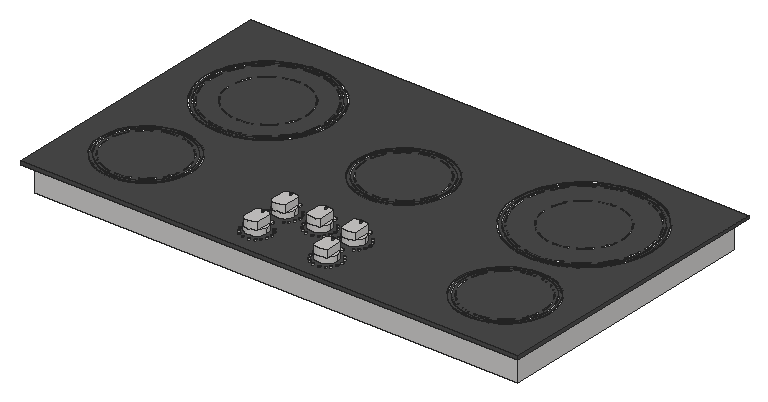
Revit family "QF_Summit_CR5B36MB_Electric Cooktop", category Specialty Equipment, Revit 2020
Family settings
  Round Connector Dimension = Use Diameter
  Part Type = Normal
  Work Plane-Based = No
  Always vertical = Yes
  Cut with Voids When Loaded = No
  Shared = No
  Room Calculation Point = No
Parameters
  Weight in Pounds = 36
  Watts = Volts * FL Amps  # 7200 W
  Volts = 240 V
  URL Cutsheet = ""
  Specification by User = ""
  Specification by Manufacturer = ""
  Serial Number = ""
  Seismic Rating = ""
  SMACNA No = ""
  Revision Code = ""
  Phase = 1
  Number of Poles = 1
  NAFEM Spec ID Number = ""
  Model = "CR5B36MB"
  Min Ckt Ampacity = 0 A
  Max Overcurrent Protection = 0 A
  Masterspec = ""
  Manufacturer = "Summit"
  Length = 35 1/2"
  Item Number = ""
  Installed By = ""
  Identify Quantity as Lot = yes
  Height = 2.13"
  HP = ""
  Furnished By = ""
  Foodservice Equipment Identifier = yes
  FL Amps = 30 A
  Electrical Remarks = ""
  Electric Connection Type = ""
  Elec Conn RI Height = 0"
  Elec Conn Connection Height = 0"
  Description = "Electric Cooktop"
  Depth = 20 1/2"
  Default Elevation = 0"
  Cycle = 60 Hz
  Conn Plug = ""
  Conn Conduit = yes
  CSI MasterFormat = ""
  Apparent Power = if(Phase = 3, Volts * FL Amps * 1.73, Volts * FL Amps)  # 7200 VA
Reference planes (in)
  plane 1 "BACK": y = 0
  plane 2: z = 0
  plane 3 "LEFT": x = 0
  plane 4 "RIGHT": x = 35.5
  plane 5 "FRONT": y = -20.5
  plane 6 "TOP": z = 2.13
  plane 7 "Center Y": x = 17.75
  plane 8 "Center X": y = -10.25
  plane 9: y = -19.875
  plane 10: y = -0.625
  plane 11: x = 0.5
  plane 12: x = 35
  plane 13: z = 1.88
  plane 14: z = -1
  plane 15: z = 3.13
Forms (in)
  Extrusion 1, solid, material "QF_Plastic_Black_Smooth"
    sketch origin (-1.19104, -180, 1.88) x (-1, 0, 0) y (0, -1, 0)
      loop
        line (-1.19104, -180) -> (-1.19104, -159.5) -> (-36.69104, -159.5) -> (-36.69104, -180) -> (-1.19104, -180)
      loop
        circle (-18.94104, -171.46642) r 3.25
      loop
        circle (-18.94104, -171.46642) r 3.1875
      loop
        circle (-18.94104, -171.46642) r 3.01918
      loop
        circle (-18.94104, -171.46642) r 2.98793
      loop
        arc (-16.54883, -172.87489) -> (-16.33416, -172.42069) -> (-16.20486, -171.93525) r 2.77605
        line (-16.20486, -171.93525) -> (-16.23566, -171.92997)
        arc (-16.23566, -171.92997) -> (-16.3635, -172.40995) -> (-16.57576, -172.85904) r 2.7448
        line (-16.57576, -172.85904) -> (-16.54883, -172.87489)
      loop
        line (-16.80517, -173.2397) -> (-16.82921, -173.21974)
        arc (-16.82921, -173.21974) -> (-17.1654, -173.55952) -> (-17.55544, -173.83582) r 2.7448
        line (-17.55544, -173.83582) -> (-17.53966, -173.86279)
        arc (-17.53966, -173.86279) -> (-17.14519, -173.58335) -> (-16.80517, -173.2397) r 2.77605
      loop
        line (-17.9821, -174.07159) -> (-17.99289, -174.04226)
        arc (-17.99289, -174.04226) -> (-18.47424, -174.17124) -> (-18.97098, -174.21106) r 2.7448
        line (-18.97098, -174.21106) -> (-18.97098, -174.24231)
        arc (-18.97098, -174.24231) -> (-18.46876, -174.202) -> (-17.9821, -174.07159) r 2.77605
      loop
        line (-19.44184, -174.19692) -> (-19.4362, -174.16619)
        arc (-19.4362, -174.16619) -> (-19.89875, -174.03872) -> (-20.33204, -173.83265) r 2.7448
        line (-20.33204, -173.83265) -> (-20.34788, -173.85959)
        arc (-20.34788, -173.85959) -> (-19.90966, -174.068) -> (-19.44184, -174.19692) r 2.77605
      loop
        arc (-20.68976, -173.58205) -> (-21.04777, -173.22586) -> (-21.33446, -172.8101) r 2.7448
        line (-21.33446, -172.8101) -> (-21.3617, -172.8254)
        arc (-21.3617, -172.8254) -> (-21.0727, -173.24475) -> (-20.71196, -173.60425) r 2.77605
        line (-20.71196, -173.60425) -> (-20.68976, -173.58205)
      loop
        arc (-21.52712, -172.38625) -> (-21.64757, -171.92317) -> (-21.68577, -171.4462) r 2.7448
        line (-21.68577, -171.4462) -> (-21.71702, -171.4462)
        arc (-21.71702, -171.4462) -> (-21.67836, -171.92848) -> (-21.55657, -172.39673) r 2.77605
        line (-21.55657, -172.39673) -> (-21.52712, -172.38625)
      loop
        arc (-21.64607, -171.00085) -> (-21.51951, -170.52544) -> (-21.31011, -170.08027) r 2.7448
        line (-21.31011, -170.08027) -> (-21.33709, -170.06449)
        arc (-21.33709, -170.06449) -> (-21.54886, -170.51473) -> (-21.67686, -170.99555) r 2.77605
        line (-21.67686, -170.99555) -> (-21.64607, -171.00085)
      loop
        arc (-21.0469, -169.70594) -> (-20.70919, -169.367) -> (-20.31776, -169.09185) r 2.7448
        line (-20.31776, -169.09185) -> (-20.33343, -169.06481)
        arc (-20.33343, -169.06481) -> (-20.72826, -169.3422) -> (-21.06908, -169.68376) r 2.77605
        line (-21.06908, -169.68376) -> (-21.0469, -169.70594)
      loop
        arc (-19.89556, -168.89293) -> (-19.4312, -168.76574) -> (-18.95175, -168.72164) r 2.7448
        line (-18.95175, -168.72164) -> (-18.95175, -168.69039)
        arc (-18.95175, -168.69039) -> (-19.43672, -168.73498) -> (-19.90643, -168.86363) r 2.77605
        line (-19.90643, -168.86363) -> (-19.89556, -168.89293)
      loop
        arc (-18.52224, -168.75375) -> (-18.01144, -168.88382) -> (-17.53492, -169.10913) r 2.7448
        line (-17.53492, -169.10913) -> (-17.51892, -169.0823)
        arc (-17.51892, -169.0823) -> (-18.00086, -168.85442) -> (-18.51747, -168.72287) r 2.77605
        line (-18.51747, -168.72287) -> (-18.52224, -168.75375)
      loop
        arc (-17.19797, -169.34612) -> (-16.83577, -169.70523) -> (-16.54626, -170.12516) r 2.7448
        line (-16.54626, -170.12516) -> (-16.51899, -170.10989)
        arc (-16.51899, -170.10989) -> (-16.81082, -169.68635) -> (-17.17577, -169.32392) r 2.77605
        line (-17.17577, -169.32392) -> (-17.19797, -169.34612)
      loop
        arc (-16.36345, -170.52304) -> (-16.23531, -171.00493) -> (-16.19647, -171.50206) r 2.7448
        line (-16.19647, -171.50206) -> (-16.16521, -171.50206)
        arc (-16.16521, -171.50206) -> (-16.20454, -170.99948) -> (-16.3341, -170.5123) r 2.77605
        line (-16.3341, -170.5123) -> (-16.36345, -170.52304)
      loop
        circle (-30.20747, -173.46615) r 4.875
      loop
        circle (-30.20747, -173.46615) r 4.8125
      loop
        circle (-30.20747, -173.46615) r 4.60317
      loop
        circle (-30.20747, -173.46615) r 4.57192
      loop
        arc (-33.56688, -170.61218) -> (-33.89171, -171.04598) -> (-34.16085, -171.51637) r 4.40804
        line (-34.16085, -171.51637) -> (-34.13282, -171.53019)
        arc (-34.13282, -171.53019) -> (-33.86629, -171.0642) -> (-33.54471, -170.63435) r 4.37679
        line (-33.54471, -170.63435) -> (-33.56688, -170.61218)
      loop
        arc (-32.4023, -169.64339) -> (-32.84195, -169.93198) -> (-33.24409, -170.27088) r 4.40804
        line (-33.24409, -170.27088) -> (-33.22199, -170.29298)
        arc (-33.22199, -170.29298) -> (-32.82295, -169.9568) -> (-32.38674, -169.67049) r 4.37679
        line (-32.38674, -169.67049) -> (-32.4023, -169.64339)
      loop
        line (-34.31464, -171.95371) -> (-34.34396, -171.94291)
        arc (-34.34396, -171.94291) -> (-34.49482, -172.44171) -> (-34.58576, -172.95482) r 4.40804
        line (-34.58576, -172.95482) -> (-34.55472, -172.95844)
        arc (-34.55472, -172.95844) -> (-34.46442, -172.44897) -> (-34.31464, -171.95371) r 4.37679
      loop
        line (-34.58424, -173.45077) -> (-34.61549, -173.45077)
        arc (-34.61549, -173.45077) -> (-34.58691, -173.96751) -> (-34.49796, -174.47735) r 4.40804
        line (-34.49796, -174.47735) -> (-34.46755, -174.47018)
        arc (-34.46755, -174.47018) -> (-34.55587, -173.96391) -> (-34.58424, -173.45077) r 4.37679
      loop
        line (-34.32863, -174.94005) -> (-34.35806, -174.95057)
        arc (-34.35806, -174.95057) -> (-34.14582, -175.44611) -> (-33.87469, -175.91203) r 4.40804
        line (-33.87469, -175.91203) -> (-33.84869, -175.89469)
        arc (-33.84869, -175.89469) -> (-34.1179, -175.43207) -> (-34.32863, -174.94005) r 4.37679
      loop
        line (-33.57706, -176.25939) -> (-33.60112, -176.27933)
        arc (-33.60112, -176.27933) -> (-33.22062, -176.68357) -> (-32.79233, -177.03678) r 4.40804
        line (-32.79233, -177.03678) -> (-32.76995, -177.0144)
        arc (-32.76995, -177.0144) -> (-33.19743, -176.66247) -> (-33.57706, -176.25939) r 4.37679
      loop
        line (-32.43418, -177.23419) -> (-32.45007, -177.26109)
        arc (-32.45007, -177.26109) -> (-31.96354, -177.5093) -> (-31.45004, -177.69544) r 4.40804
        line (-31.45004, -177.69544) -> (-31.44123, -177.66545)
        arc (-31.44123, -177.66545) -> (-31.95109, -177.48064) -> (-32.43418, -177.23419) r 4.37679
      loop
        line (-30.98933, -177.77254) -> (-30.99491, -177.80329)
        arc (-30.99491, -177.80329) -> (-30.46663, -177.86657) -> (-29.93458, -177.86574) r 4.40804
        line (-29.93458, -177.86574) -> (-29.93651, -177.83455)
        arc (-29.93651, -177.83455) -> (-30.46479, -177.83537) -> (-30.98933, -177.77254) r 4.37679
      loop
        line (-29.47271, -177.78083) -> (-29.46747, -177.81163)
        arc (-29.46747, -177.81163) -> (-28.94641, -177.68996) -> (-28.44394, -177.50605) r 4.40804
        line (-28.44394, -177.50605) -> (-28.45644, -177.47741)
        arc (-28.45644, -177.47741) -> (-28.95535, -177.66002) -> (-29.47271, -177.78083) r 4.37679
      loop
        line (-28.02181, -177.25814) -> (-28.00621, -177.28522)
        arc (-28.00621, -177.28522) -> (-27.57038, -176.99837) -> (-27.1715, -176.66204) r 4.40804
        line (-27.1715, -176.66204) -> (-27.1936, -176.63993)
        arc (-27.1936, -176.63993) -> (-27.5894, -176.97357) -> (-28.02181, -177.25814) r 4.37679
      loop
        line (-26.86511, -176.2919) -> (-26.84124, -176.31208)
        arc (-26.84124, -176.31208) -> (-26.52219, -175.88473) -> (-26.25708, -175.42198) r 4.40804
        line (-26.25708, -175.42198) -> (-26.28509, -175.40811)
        arc (-26.28509, -175.40811) -> (-26.54832, -175.86758) -> (-26.86511, -176.2919) r 4.37679
      loop
        line (-26.10948, -175.00329) -> (-26.08022, -175.01426)
        arc (-26.08022, -175.01426) -> (-25.92133, -174.4956) -> (-25.82734, -173.96136) r 4.40804
        line (-25.82734, -173.96136) -> (-25.85839, -173.95785)
        arc (-25.85839, -173.95785) -> (-25.95171, -174.48831) -> (-26.10948, -175.00329) r 4.37679
      loop
        line (-25.83078, -173.4948) -> (-25.79953, -173.4948)
        arc (-25.79953, -173.4948) -> (-25.83018, -172.94643) -> (-25.92878, -172.40614) r 4.40804
        line (-25.92878, -172.40614) -> (-25.95912, -172.41365)
        arc (-25.95912, -172.41365) -> (-25.8612, -172.95022) -> (-25.83078, -173.4948) r 4.37679
      loop
        line (-26.09009, -171.98176) -> (-26.06069, -171.97116)
        arc (-26.06069, -171.97116) -> (-26.2763, -171.47198) -> (-26.55173, -171.00315) r 4.40804
        line (-26.55173, -171.00315) -> (-26.57765, -171.02061)
        arc (-26.57765, -171.02061) -> (-26.30417, -171.48612) -> (-26.09009, -171.98176) r 4.37679
      loop
        line (-26.86024, -170.64617) -> (-26.83806, -170.62399)
        arc (-26.83806, -170.62399) -> (-27.21275, -170.23158) -> (-27.63281, -169.88817) r 4.40804
        line (-27.63281, -169.88817) -> (-27.65106, -169.91354)
        arc (-27.65106, -169.91354) -> (-27.23301, -170.25541) -> (-26.86024, -170.64617) r 4.37679
      loop
        arc (-28.02395, -169.63691) -> (-28.49908, -169.40263) -> (-28.99888, -169.22703) r 4.40804
        line (-28.99888, -169.22703) -> (-29.00745, -169.25709)
        arc (-29.00745, -169.25709) -> (-28.51119, -169.43144) -> (-28.03943, -169.66406) r 4.37679
        line (-28.03943, -169.66406) -> (-28.02395, -169.63691)
      loop
        arc (-29.44134, -169.1252) -> (-29.98215, -169.06387) -> (-30.52639, -169.06966) r 4.40804
        line (-30.52639, -169.06966) -> (-30.52639, -169.101)
        arc (-30.52639, -169.101) -> (-29.98488, -169.09503) -> (-29.44677, -169.15597) r 4.37679
        line (-29.44677, -169.15597) -> (-29.44134, -169.1252)
      loop
        arc (-30.97423, -169.12531) -> (-31.49106, -169.24914) -> (-31.98923, -169.43426) r 4.40804
        line (-31.98923, -169.43426) -> (-31.9766, -169.46284)
        arc (-31.9766, -169.46284) -> (-31.48196, -169.27903) -> (-30.9688, -169.15608) r 4.37679
        line (-30.9688, -169.15608) -> (-30.97423, -169.12531)
      loop
        arc (-28.84184, -175.85311) -> (-28.43495, -175.56869) -> (-28.08583, -175.21576) r 2.75
        line (-28.08583, -175.21576) -> (-28.10993, -175.19587)
        arc (-28.10993, -175.19587) -> (-28.45509, -175.5448) -> (-28.85736, -175.82598) r 2.71875
        line (-28.85736, -175.82598) -> (-28.84184, -175.85311)
      loop
        arc (-27.83872, -174.86311) -> (-27.63069, -174.42672) -> (-27.5023, -173.96065) r 2.75
        line (-27.5023, -173.96065) -> (-27.53304, -173.95503)
        arc (-27.53304, -173.95503) -> (-27.65997, -174.41581) -> (-27.86564, -174.84724) r 2.71875
        line (-27.86564, -174.84724) -> (-27.83872, -174.86311)
      loop
        line (-29.24628, -176.0427) -> (-29.2572, -176.01342)
        arc (-29.2572, -176.01342) -> (-29.75577, -176.14712) -> (-30.27061, -176.18417) r 2.71875
        line (-30.27061, -176.18417) -> (-30.27061, -176.21543)
        arc (-30.27061, -176.21543) -> (-29.75022, -176.17787) -> (-29.24628, -176.0427) r 2.75
      loop
        line (-30.65779, -176.17903) -> (-30.65267, -176.1482)
        arc (-30.65267, -176.1482) -> (-31.13524, -176.0217) -> (-31.58658, -175.80916) r 2.71875
        line (-31.58658, -175.80916) -> (-31.60243, -175.83609)
        arc (-31.60243, -175.83609) -> (-31.14591, -176.05108) -> (-30.65779, -176.17903) r 2.75
      loop
        line (-31.93309, -175.60736) -> (-31.91348, -175.58302)
        arc (-31.91348, -175.58302) -> (-32.28449, -175.22046) -> (-32.57988, -174.79404) r 2.71875
        line (-32.57988, -174.79404) -> (-32.60715, -174.8093)
        arc (-32.60715, -174.8093) -> (-32.30836, -175.24063) -> (-31.93309, -175.60736) r 2.75
      loop
        arc (-32.75116, -174.42599) -> (-32.8821, -173.95399) -> (-32.92622, -173.46615) r 2.71875
        line (-32.92622, -173.46615) -> (-32.95747, -173.46615)
        arc (-32.95747, -173.46615) -> (-32.91284, -173.95959) -> (-32.78039, -174.43702) r 2.75
        line (-32.78039, -174.43702) -> (-32.75116, -174.42599)
      loop
        arc (-32.88981, -173.02266) -> (-32.76487, -172.54348) -> (-32.55509, -172.09492) r 2.71875
        line (-32.55509, -172.09492) -> (-32.58208, -172.07916)
        arc (-32.58208, -172.07916) -> (-32.79427, -172.53288) -> (-32.92064, -173.01756) r 2.75
        line (-32.92064, -173.01756) -> (-32.88981, -173.02266)
      loop
        arc (-32.29371, -171.72282) -> (-31.95234, -171.3812) -> (-31.55591, -171.10537) r 2.71875
        line (-31.55591, -171.10537) -> (-31.57141, -171.07823)
        arc (-31.57141, -171.07823) -> (-31.97132, -171.35633) -> (-32.31589, -171.70063) r 2.75
        line (-32.31589, -171.70063) -> (-32.29371, -171.72282)
      loop
        arc (-31.13645, -170.91104) -> (-30.66966, -170.78698) -> (-30.18827, -170.74747) r 2.71875
        line (-30.18827, -170.74747) -> (-30.18827, -170.71622)
        arc (-30.18827, -170.71622) -> (-30.67508, -170.7562) -> (-31.14713, -170.88167) r 2.75
        line (-31.14713, -170.88167) -> (-31.13645, -170.91104)
      loop
        arc (-29.74023, -170.78785) -> (-29.26498, -170.91599) -> (-28.82063, -171.12772) r 2.71875
        line (-28.82063, -171.12772) -> (-28.80468, -171.10084)
        arc (-28.80468, -171.10084) -> (-29.25415, -170.88668) -> (-29.73486, -170.75707) r 2.75
        line (-29.73486, -170.75707) -> (-29.74023, -170.78785)
      loop
        line (-28.45105, -171.35015) -> (-28.47101, -171.37419)
        arc (-28.47101, -171.37419) -> (-28.11969, -171.72467) -> (-27.83793, -172.13316) r 2.71875
        line (-27.83793, -172.13316) -> (-27.81069, -172.11784)
        arc (-27.81069, -172.11784) -> (-28.09569, -171.70465) -> (-28.45105, -171.35015) r 2.75
      loop
        line (-27.61852, -172.53889) -> (-27.64794, -172.54942)
        arc (-27.64794, -172.54942) -> (-27.54464, -172.91759) -> (-27.49401, -173.29661) r 2.71875
        line (-27.49401, -173.29661) -> (-27.4627, -173.29661)
        arc (-27.4627, -173.29661) -> (-27.51384, -172.91224) -> (-27.61852, -172.53889) r 2.75
      loop
        circle (-7.67622, -173.46615) r 4.5
      loop
        circle (-7.67622, -173.46615) r 4.4375
      loop
        circle (-7.67622, -173.46615) r 4.25
      loop
        circle (-7.67622, -173.46615) r 4.21875
      loop
        arc (-3.69769, -174.27175) -> (-3.62645, -173.74377) -> (-3.62497, -173.211) r 4.05928
        line (-3.62497, -173.211) -> (-3.65628, -173.211)
        arc (-3.65628, -173.211) -> (-3.65756, -173.74065) -> (-3.72831, -174.26555) r 4.02803
        line (-3.72831, -174.26555) -> (-3.69769, -174.27175)
      loop
        line (-3.81265, -174.71137) -> (-3.8424, -174.70178)
        arc (-3.8424, -174.70178) -> (-4.0291, -175.17599) -> (-4.2742, -175.62282) r 4.02803
        line (-4.2742, -175.62282) -> (-4.2478, -175.63956)
        arc (-4.2478, -175.63956) -> (-4.00081, -175.18925) -> (-3.81265, -174.71137) r 4.05928
      loop
        line (-4.50558, -176.00087) -> (-4.52999, -175.98136)
        arc (-4.52999, -175.98136) -> (-4.88165, -176.36708) -> (-5.28023, -176.70409) r 4.02803
        line (-5.28023, -176.70409) -> (-5.26164, -176.72921)
        arc (-5.26164, -176.72921) -> (-4.85997, -176.38958) -> (-4.50558, -176.00087) r 4.05928
      loop
        line (-5.66164, -176.99024) -> (-5.67715, -176.96311)
        arc (-5.67715, -176.96311) -> (-6.12382, -177.18302) -> (-6.59421, -177.34614) r 4.02803
        line (-6.59421, -177.34614) -> (-6.58582, -177.37624)
        arc (-6.58582, -177.37624) -> (-6.11178, -177.21185) -> (-5.66164, -176.99024) r 4.05928
      loop
        line (-7.0616, -177.47863) -> (-7.06633, -177.44774)
        arc (-7.06633, -177.44774) -> (-7.59046, -177.49327) -> (-8.11606, -177.4701) r 4.02803
        line (-8.11606, -177.4701) -> (-8.11947, -177.50116)
        arc (-8.11947, -177.50116) -> (-7.5898, -177.52451) -> (-7.0616, -177.47863) r 4.05928
      loop
        line (-8.53524, -177.4335) -> (-8.52862, -177.40296)
        arc (-8.52862, -177.40296) -> (-9.03759, -177.25716) -> (-9.52303, -177.04586) r 4.02803
        line (-9.52303, -177.04586) -> (-9.53736, -177.07364)
        arc (-9.53736, -177.07364) -> (-9.04815, -177.28657) -> (-8.53524, -177.4335) r 4.05928
      loop
        line (-9.94314, -176.83347) -> (-9.92569, -176.80755)
        arc (-9.92569, -176.80755) -> (-10.30947, -176.51427) -> (-10.65539, -176.17716) r 4.02803
        line (-10.65539, -176.17716) -> (-10.67752, -176.19928)
        arc (-10.67752, -176.19928) -> (-10.32934, -176.5384) -> (-9.94314, -176.83347) r 4.05928
      loop
        line (-10.97465, -175.83219) -> (-10.94925, -175.81398)
        arc (-10.94925, -175.81398) -> (-11.22217, -175.37698) -> (-11.43708, -174.90871) r 4.02803
        line (-11.43708, -174.90871) -> (-11.46626, -174.9199)
        arc (-11.46626, -174.9199) -> (-11.24968, -175.3918) -> (-10.97465, -175.83219) r 4.05928
      loop
        line (-11.60844, -174.47384) -> (-11.57817, -174.46609)
        arc (-11.57817, -174.46609) -> (-11.67261, -173.97008) -> (-11.70425, -173.46615) r 4.02803
        line (-11.70425, -173.46615) -> (-11.7355, -173.46615)
        arc (-11.7355, -173.46615) -> (-11.70361, -173.97399) -> (-11.60844, -174.47384) r 4.05928
      loop
        line (-11.71027, -173.01425) -> (-11.67921, -173.01773)
        arc (-11.67921, -173.01773) -> (-11.58791, -172.50505) -> (-11.43123, -172.00844) r 4.02803
        line (-11.43123, -172.00844) -> (-11.46036, -171.99713)
        arc (-11.46036, -171.99713) -> (-11.61826, -172.4976) -> (-11.71027, -173.01425) r 4.05928
      loop
        line (-11.25969, -171.55919) -> (-11.2321, -171.57387)
        arc (-11.2321, -171.57387) -> (-10.96767, -171.14422) -> (-10.65161, -170.75099) r 4.02803
        line (-10.65161, -170.75099) -> (-10.67373, -170.72887)
        arc (-10.67373, -170.72887) -> (-10.9928, -171.12562) -> (-11.25969, -171.55919) r 4.05928
      loop
        line (-10.34041, -170.40349) -> (-10.31826, -170.42565)
        arc (-10.31826, -170.42565) -> (-9.91627, -170.11844) -> (-9.47894, -169.86404) r 4.02803
        line (-9.47894, -169.86404) -> (-9.49293, -169.83609)
        arc (-9.49293, -169.83609) -> (-9.93456, -170.09307) -> (-10.34041, -170.40349) r 4.05928
      loop
        line (-9.10989, -169.66847) -> (-9.09885, -169.69771)
        arc (-9.09885, -169.69771) -> (-8.5814, -169.54115) -> (-8.04764, -169.45528) r 4.02803
        line (-8.04764, -169.45528) -> (-8.05052, -169.42417)
        arc (-8.05052, -169.42417) -> (-8.58842, -169.5107) -> (-9.10989, -169.66847) r 4.05928
      loop
        line (-7.62778, -169.40716) -> (-7.62778, -169.43841)
        arc (-7.62778, -169.43841) -> (-7.09245, -169.48065) -> (-6.56751, -169.59372) r 4.02803
        line (-6.56751, -169.59372) -> (-6.5589, -169.56367)
        arc (-6.5589, -169.56367) -> (-7.08811, -169.4497) -> (-7.62778, -169.40716) r 4.05928
      loop
        line (-6.15734, -169.70175) -> (-6.16903, -169.73073)
        arc (-6.16903, -169.73073) -> (-5.69828, -169.9572) -> (-5.2608, -170.24268) r 4.02803
        line (-5.2608, -170.24268) -> (-5.24206, -170.21768)
        arc (-5.24206, -170.21768) -> (-5.68294, -169.92997) -> (-6.15734, -169.70175) r 4.05928
      loop
        line (-4.87579, -170.52756) -> (-4.8979, -170.54966)
        arc (-4.8979, -170.54966) -> (-4.5478, -170.92884) -> (-4.24905, -171.34967) r 4.02803
        line (-4.24905, -171.34967) -> (-4.22246, -171.33325)
        arc (-4.22246, -171.33325) -> (-4.52329, -170.90945) -> (-4.87579, -170.52756) r 4.05928
      loop
        line (-4.00209, -171.74032) -> (-4.03038, -171.75361)
        arc (-4.03038, -171.75361) -> (-3.8435, -172.22709) -> (-3.71784, -172.72036) r 4.02803
        line (-3.71784, -172.72036) -> (-3.68713, -172.71457)
        arc (-3.68713, -172.71457) -> (-3.81377, -172.21748) -> (-4.00209, -171.74032) r 4.05928
      loop
        arc (-6.31059, -175.85311) -> (-5.9037, -175.56869) -> (-5.55458, -175.21576) r 2.75
        line (-5.55458, -175.21576) -> (-5.57868, -175.19587)
        arc (-5.57868, -175.19587) -> (-5.92384, -175.5448) -> (-6.32611, -175.82598) r 2.71875
        line (-6.32611, -175.82598) -> (-6.31059, -175.85311)
      loop
        arc (-5.30747, -174.86311) -> (-5.09944, -174.42672) -> (-4.97105, -173.96065) r 2.75
        line (-4.97105, -173.96065) -> (-5.00179, -173.95503)
        arc (-5.00179, -173.95503) -> (-5.12872, -174.41581) -> (-5.33439, -174.84724) r 2.71875
        line (-5.33439, -174.84724) -> (-5.30747, -174.86311)
      loop
        line (-6.71503, -176.0427) -> (-6.72595, -176.01342)
        arc (-6.72595, -176.01342) -> (-7.22452, -176.14712) -> (-7.73936, -176.18417) r 2.71875
        line (-7.73936, -176.18417) -> (-7.73936, -176.21543)
        arc (-7.73936, -176.21543) -> (-7.21897, -176.17787) -> (-6.71503, -176.0427) r 2.75
      loop
        line (-8.12654, -176.17903) -> (-8.12142, -176.1482)
        arc (-8.12142, -176.1482) -> (-8.60399, -176.0217) -> (-9.05533, -175.80916) r 2.71875
        line (-9.05533, -175.80916) -> (-9.07118, -175.83609)
        arc (-9.07118, -175.83609) -> (-8.61466, -176.05108) -> (-8.12654, -176.17903) r 2.75
      loop
        line (-9.40184, -175.60736) -> (-9.38223, -175.58302)
        arc (-9.38223, -175.58302) -> (-9.75324, -175.22046) -> (-10.04863, -174.79404) r 2.71875
        line (-10.04863, -174.79404) -> (-10.0759, -174.8093)
        arc (-10.0759, -174.8093) -> (-9.77711, -175.24063) -> (-9.40184, -175.60736) r 2.75
      loop
        arc (-10.21991, -174.42599) -> (-10.35085, -173.95399) -> (-10.39497, -173.46615) r 2.71875
        line (-10.39497, -173.46615) -> (-10.42622, -173.46615)
        arc (-10.42622, -173.46615) -> (-10.38159, -173.95959) -> (-10.24914, -174.43702) r 2.75
        line (-10.24914, -174.43702) -> (-10.21991, -174.42599)
      loop
        arc (-10.35856, -173.02266) -> (-10.23362, -172.54348) -> (-10.02384, -172.09492) r 2.71875
        line (-10.02384, -172.09492) -> (-10.05083, -172.07916)
        arc (-10.05083, -172.07916) -> (-10.26302, -172.53288) -> (-10.38939, -173.01756) r 2.75
        line (-10.38939, -173.01756) -> (-10.35856, -173.02266)
      loop
        arc (-9.76246, -171.72282) -> (-9.42109, -171.3812) -> (-9.02466, -171.10537) r 2.71875
        line (-9.02466, -171.10537) -> (-9.04016, -171.07823)
        arc (-9.04016, -171.07823) -> (-9.44007, -171.35633) -> (-9.78464, -171.70063) r 2.75
        line (-9.78464, -171.70063) -> (-9.76246, -171.72282)
      loop
        arc (-8.6052, -170.91104) -> (-8.13841, -170.78698) -> (-7.65702, -170.74747) r 2.71875
        line (-7.65702, -170.74747) -> (-7.65702, -170.71622)
        arc (-7.65702, -170.71622) -> (-8.14383, -170.7562) -> (-8.61588, -170.88167) r 2.75
        line (-8.61588, -170.88167) -> (-8.6052, -170.91104)
      loop
        arc (-7.20898, -170.78785) -> (-6.73373, -170.91599) -> (-6.28938, -171.12772) r 2.71875
        line (-6.28938, -171.12772) -> (-6.27343, -171.10084)
        arc (-6.27343, -171.10084) -> (-6.7229, -170.88668) -> (-7.20361, -170.75707) r 2.75
        line (-7.20361, -170.75707) -> (-7.20898, -170.78785)
      loop
        line (-5.9198, -171.35015) -> (-5.93976, -171.37419)
        arc (-5.93976, -171.37419) -> (-5.58844, -171.72467) -> (-5.30668, -172.13316) r 2.71875
        line (-5.30668, -172.13316) -> (-5.27944, -172.11784)
        arc (-5.27944, -172.11784) -> (-5.56444, -171.70465) -> (-5.9198, -171.35015) r 2.75
      loop
        line (-5.08727, -172.53889) -> (-5.11669, -172.54942)
        arc (-5.11669, -172.54942) -> (-5.01339, -172.91759) -> (-4.96276, -173.29661) r 2.71875
        line (-4.96276, -173.29661) -> (-4.93145, -173.29661)
        arc (-4.93145, -173.29661) -> (-4.98259, -172.91224) -> (-5.08727, -172.53889) r 2.75
      loop
        circle (-6.17881, -164.46164) r 3.25
      loop
        circle (-6.17881, -164.46164) r 3.1875
      loop
        circle (-6.17881, -164.46164) r 3.01918
      loop
        circle (-6.17881, -164.46164) r 2.98793
      loop
        arc (-3.7866, -165.87012) -> (-3.57193, -165.41592) -> (-3.44263, -164.93047) r 2.77605
        line (-3.44263, -164.93047) -> (-3.47344, -164.92519)
        arc (-3.47344, -164.92519) -> (-3.60128, -165.40518) -> (-3.81353, -165.85426) r 2.7448
        line (-3.81353, -165.85426) -> (-3.7866, -165.87012)
      loop
        line (-4.04295, -166.23493) -> (-4.06699, -166.21496)
        arc (-4.06699, -166.21496) -> (-4.40318, -166.55474) -> (-4.79321, -166.83104) r 2.7448
        line (-4.79321, -166.83104) -> (-4.77744, -166.85802)
        arc (-4.77744, -166.85802) -> (-4.38296, -166.57857) -> (-4.04295, -166.23493) r 2.77605
      loop
        line (-5.21987, -167.06681) -> (-5.23067, -167.03748)
        arc (-5.23067, -167.03748) -> (-5.71202, -167.16646) -> (-6.20876, -167.20628) r 2.7448
        line (-6.20876, -167.20628) -> (-6.20876, -167.23753)
        arc (-6.20876, -167.23753) -> (-5.70654, -167.19723) -> (-5.21987, -167.06681) r 2.77605
      loop
        line (-6.67961, -167.19215) -> (-6.67397, -167.16141)
        arc (-6.67397, -167.16141) -> (-7.13653, -167.03394) -> (-7.56982, -166.82787) r 2.7448
        line (-7.56982, -166.82787) -> (-7.58566, -166.85481)
        arc (-7.58566, -166.85481) -> (-7.14743, -167.06323) -> (-6.67961, -167.19215) r 2.77605
      loop
        arc (-7.92754, -166.57727) -> (-8.28554, -166.22108) -> (-8.57223, -165.80533) r 2.7448
        line (-8.57223, -165.80533) -> (-8.59948, -165.82063)
        arc (-8.59948, -165.82063) -> (-8.31048, -166.23997) -> (-7.94973, -166.59947) r 2.77605
        line (-7.94973, -166.59947) -> (-7.92754, -166.57727)
      loop
        arc (-8.7649, -165.38148) -> (-8.88534, -164.91839) -> (-8.92354, -164.44143) r 2.7448
        line (-8.92354, -164.44143) -> (-8.95479, -164.44143)
        arc (-8.95479, -164.44143) -> (-8.91614, -164.92371) -> (-8.79434, -165.39195) r 2.77605
        line (-8.79434, -165.39195) -> (-8.7649, -165.38148)
      loop
        arc (-8.88384, -163.99607) -> (-8.75728, -163.52067) -> (-8.54789, -163.07549) r 2.7448
        line (-8.54789, -163.07549) -> (-8.57486, -163.05971)
        arc (-8.57486, -163.05971) -> (-8.78664, -163.50995) -> (-8.91464, -163.99077) r 2.77605
        line (-8.91464, -163.99077) -> (-8.88384, -163.99607)
      loop
        arc (-8.28467, -162.70116) -> (-7.94697, -162.36222) -> (-7.55553, -162.08707) r 2.7448
        line (-7.55553, -162.08707) -> (-7.57121, -162.06004)
        arc (-7.57121, -162.06004) -> (-7.96603, -162.33742) -> (-8.30686, -162.67898) r 2.77605
        line (-8.30686, -162.67898) -> (-8.28467, -162.70116)
      loop
        arc (-7.13334, -161.88816) -> (-6.66897, -161.76096) -> (-6.18952, -161.71686) r 2.7448
        line (-6.18952, -161.71686) -> (-6.18952, -161.68561)
        arc (-6.18952, -161.68561) -> (-6.67449, -161.7302) -> (-7.1442, -161.85886) r 2.77605
        line (-7.1442, -161.85886) -> (-7.13334, -161.88816)
      loop
        arc (-5.76002, -161.74898) -> (-5.24922, -161.87905) -> (-4.7727, -162.10436) r 2.7448
        line (-4.7727, -162.10436) -> (-4.75669, -162.07752)
        arc (-4.75669, -162.07752) -> (-5.23863, -161.84964) -> (-5.75525, -161.71809) r 2.77605
        line (-5.75525, -161.71809) -> (-5.76002, -161.74898)
      loop
        arc (-4.43575, -162.34134) -> (-4.07354, -162.70046) -> (-3.78403, -163.12038) r 2.7448
        line (-3.78403, -163.12038) -> (-3.75677, -163.10511)
        arc (-3.75677, -163.10511) -> (-4.04859, -162.68157) -> (-4.41355, -162.31914) r 2.77605
        line (-4.41355, -162.31914) -> (-4.43575, -162.34134)
      loop
        arc (-3.60122, -163.51826) -> (-3.47308, -164.00016) -> (-3.43424, -164.49728) r 2.7448
        line (-3.43424, -164.49728) -> (-3.40299, -164.49728)
        arc (-3.40299, -164.49728) -> (-3.44231, -163.9947) -> (-3.57188, -163.50752) r 2.77605
        line (-3.57188, -163.50752) -> (-3.60122, -163.51826)
      loop
        circle (-31.75732, -164.46164) r 3.25
      loop
        circle (-31.75732, -164.46164) r 3.1875
      loop
        circle (-31.75732, -164.46164) r 3.01918
      loop
        circle (-31.75732, -164.46164) r 2.98793
      loop
        arc (-29.36511, -165.87012) -> (-29.15044, -165.41592) -> (-29.02114, -164.93047) r 2.77605
        line (-29.02114, -164.93047) -> (-29.05194, -164.92519)
        arc (-29.05194, -164.92519) -> (-29.17978, -165.40518) -> (-29.39204, -165.85426) r 2.7448
        line (-29.39204, -165.85426) -> (-29.36511, -165.87012)
      loop
        line (-29.62145, -166.23493) -> (-29.64549, -166.21496)
        arc (-29.64549, -166.21496) -> (-29.98168, -166.55474) -> (-30.37172, -166.83104) r 2.7448
        line (-30.37172, -166.83104) -> (-30.35594, -166.85802)
        arc (-30.35594, -166.85802) -> (-29.96147, -166.57857) -> (-29.62145, -166.23493) r 2.77605
      loop
        line (-30.79838, -167.06681) -> (-30.80917, -167.03748)
        arc (-30.80917, -167.03748) -> (-31.29052, -167.16646) -> (-31.78726, -167.20628) r 2.7448
        line (-31.78726, -167.20628) -> (-31.78726, -167.23753)
        arc (-31.78726, -167.23753) -> (-31.28504, -167.19723) -> (-30.79838, -167.06681) r 2.77605
      loop
        line (-32.25812, -167.19215) -> (-32.25248, -167.16141)
        arc (-32.25248, -167.16141) -> (-32.71503, -167.03394) -> (-33.14833, -166.82787) r 2.7448
        line (-33.14833, -166.82787) -> (-33.16416, -166.85481)
        arc (-33.16416, -166.85481) -> (-32.72594, -167.06323) -> (-32.25812, -167.19215) r 2.77605
      loop
        arc (-33.50604, -166.57727) -> (-33.86405, -166.22108) -> (-34.15074, -165.80533) r 2.7448
        line (-34.15074, -165.80533) -> (-34.17799, -165.82063)
        arc (-34.17799, -165.82063) -> (-33.88898, -166.23997) -> (-33.52824, -166.59947) r 2.77605
        line (-33.52824, -166.59947) -> (-33.50604, -166.57727)
      loop
        arc (-34.3434, -165.38148) -> (-34.46385, -164.91839) -> (-34.50205, -164.44143) r 2.7448
        line (-34.50205, -164.44143) -> (-34.5333, -164.44143)
        arc (-34.5333, -164.44143) -> (-34.49465, -164.92371) -> (-34.37285, -165.39195) r 2.77605
        line (-34.37285, -165.39195) -> (-34.3434, -165.38148)
      loop
        arc (-34.46235, -163.99607) -> (-34.33579, -163.52067) -> (-34.1264, -163.07549) r 2.7448
        line (-34.1264, -163.07549) -> (-34.15337, -163.05971)
        arc (-34.15337, -163.05971) -> (-34.36514, -163.50995) -> (-34.49314, -163.99077) r 2.77605
        line (-34.49314, -163.99077) -> (-34.46235, -163.99607)
      loop
        arc (-33.86318, -162.70116) -> (-33.52547, -162.36222) -> (-33.13404, -162.08707) r 2.7448
        line (-33.13404, -162.08707) -> (-33.14971, -162.06004)
        arc (-33.14971, -162.06004) -> (-33.54454, -162.33742) -> (-33.88536, -162.67898) r 2.77605
        line (-33.88536, -162.67898) -> (-33.86318, -162.70116)
      loop
        arc (-32.71184, -161.88816) -> (-32.24748, -161.76096) -> (-31.76803, -161.71686) r 2.7448
        line (-31.76803, -161.71686) -> (-31.76803, -161.68561)
        arc (-31.76803, -161.68561) -> (-32.253, -161.7302) -> (-32.72271, -161.85886) r 2.77605
        line (-32.72271, -161.85886) -> (-32.71184, -161.88816)
      loop
        arc (-31.33852, -161.74898) -> (-30.82772, -161.87905) -> (-30.35121, -162.10436) r 2.7448
        line (-30.35121, -162.10436) -> (-30.3352, -162.07752)
        arc (-30.3352, -162.07752) -> (-30.81714, -161.84964) -> (-31.33376, -161.71809) r 2.77605
        line (-31.33376, -161.71809) -> (-31.33852, -161.74898)
      loop
        arc (-30.01425, -162.34134) -> (-29.65205, -162.70046) -> (-29.36254, -163.12038) r 2.7448
        line (-29.36254, -163.12038) -> (-29.33527, -163.10511)
        arc (-29.33527, -163.10511) -> (-29.6271, -162.68157) -> (-29.99205, -162.31914) r 2.77605
        line (-29.99205, -162.31914) -> (-30.01425, -162.34134)
      loop
        arc (-29.17973, -163.51826) -> (-29.05159, -164.00016) -> (-29.01275, -164.49728) r 2.7448
        line (-29.01275, -164.49728) -> (-28.98149, -164.49728)
        arc (-28.98149, -164.49728) -> (-29.02082, -163.9947) -> (-29.15038, -163.50752) r 2.77605
        line (-29.15038, -163.50752) -> (-29.17973, -163.51826)
    from 0 to 0.25
  Extrusion 2, solid, material "QF_Plastic_White_Smooth"
    sketch origin (-1.19104, -180, 1.88) x (-1, 0, 0) y (0, -1, 0)
      loop
        circle (-7.67622, -173.46615) r 4.5
      loop
        circle (-7.67622, -173.46615) r 4.4375
      loop
        circle (-7.67622, -173.46615) r 4.25
      loop
        circle (-7.67622, -173.46615) r 4.21875
      loop
        line (-3.62497, -173.211) -> (-3.65628, -173.211)
        arc (-3.65628, -173.211) -> (-3.65756, -173.74065) -> (-3.72831, -174.26555) r 4.02803
        line (-3.72831, -174.26555) -> (-3.69769, -174.27175)
        arc (-3.69769, -174.27175) -> (-3.62645, -173.74377) -> (-3.62497, -173.211) r 4.05928
      loop
        line (-3.81265, -174.71137) -> (-3.8424, -174.70178)
        arc (-3.8424, -174.70178) -> (-4.0291, -175.17599) -> (-4.2742, -175.62282) r 4.02803
        line (-4.2742, -175.62282) -> (-4.2478, -175.63956)
        arc (-4.2478, -175.63956) -> (-4.00081, -175.18925) -> (-3.81265, -174.71137) r 4.05928
      loop
        line (-4.50558, -176.00087) -> (-4.52999, -175.98136)
        arc (-4.52999, -175.98136) -> (-4.88165, -176.36708) -> (-5.28023, -176.70409) r 4.02803
        line (-5.28023, -176.70409) -> (-5.26164, -176.72921)
        arc (-5.26164, -176.72921) -> (-4.85997, -176.38958) -> (-4.50558, -176.00087) r 4.05928
      loop
        line (-5.66164, -176.99024) -> (-5.67715, -176.96311)
        arc (-5.67715, -176.96311) -> (-6.12382, -177.18302) -> (-6.59421, -177.34614) r 4.02803
        line (-6.59421, -177.34614) -> (-6.58582, -177.37624)
        arc (-6.58582, -177.37624) -> (-6.11178, -177.21185) -> (-5.66164, -176.99024) r 4.05928
      loop
        line (-7.0616, -177.47863) -> (-7.06633, -177.44774)
        arc (-7.06633, -177.44774) -> (-7.59046, -177.49327) -> (-8.11606, -177.4701) r 4.02803
        line (-8.11606, -177.4701) -> (-8.11947, -177.50116)
        arc (-8.11947, -177.50116) -> (-7.5898, -177.52451) -> (-7.0616, -177.47863) r 4.05928
      loop
        line (-8.53524, -177.4335) -> (-8.52862, -177.40296)
        arc (-8.52862, -177.40296) -> (-9.03759, -177.25716) -> (-9.52303, -177.04586) r 4.02803
        line (-9.52303, -177.04586) -> (-9.53736, -177.07364)
        arc (-9.53736, -177.07364) -> (-9.04815, -177.28657) -> (-8.53524, -177.4335) r 4.05928
      loop
        line (-10.65539, -176.17716) -> (-10.67752, -176.19928)
        arc (-10.67752, -176.19928) -> (-10.32934, -176.5384) -> (-9.94314, -176.83347) r 4.05928
        line (-9.94314, -176.83347) -> (-9.92569, -176.80755)
        arc (-9.92569, -176.80755) -> (-10.30947, -176.51427) -> (-10.65539, -176.17716) r 4.02803
      loop
        line (-11.43708, -174.90871) -> (-11.46626, -174.9199)
        arc (-11.46626, -174.9199) -> (-11.24968, -175.3918) -> (-10.97465, -175.83219) r 4.05928
        line (-10.97465, -175.83219) -> (-10.94925, -175.81398)
        arc (-10.94925, -175.81398) -> (-11.22217, -175.37698) -> (-11.43708, -174.90871) r 4.02803
      loop
        line (-11.60844, -174.47384) -> (-11.57817, -174.46609)
        arc (-11.57817, -174.46609) -> (-11.67261, -173.97008) -> (-11.70425, -173.46615) r 4.02803
        line (-11.70425, -173.46615) -> (-11.7355, -173.46615)
        arc (-11.7355, -173.46615) -> (-11.70361, -173.97399) -> (-11.60844, -174.47384) r 4.05928
      loop
        line (-11.71027, -173.01425) -> (-11.67921, -173.01773)
        arc (-11.67921, -173.01773) -> (-11.58791, -172.50505) -> (-11.43123, -172.00844) r 4.02803
        line (-11.43123, -172.00844) -> (-11.46036, -171.99713)
        arc (-11.46036, -171.99713) -> (-11.61826, -172.4976) -> (-11.71027, -173.01425) r 4.05928
      loop
        line (-11.25969, -171.55919) -> (-11.2321, -171.57387)
        arc (-11.2321, -171.57387) -> (-10.96767, -171.14422) -> (-10.65161, -170.75099) r 4.02803
        line (-10.65161, -170.75099) -> (-10.67373, -170.72887)
        arc (-10.67373, -170.72887) -> (-10.9928, -171.12562) -> (-11.25969, -171.55919) r 4.05928
      loop
        line (-10.34041, -170.40349) -> (-10.31826, -170.42565)
        arc (-10.31826, -170.42565) -> (-9.91627, -170.11844) -> (-9.47894, -169.86404) r 4.02803
        line (-9.47894, -169.86404) -> (-9.49293, -169.83609)
        arc (-9.49293, -169.83609) -> (-9.93456, -170.09307) -> (-10.34041, -170.40349) r 4.05928
      loop
        line (-9.10989, -169.66847) -> (-9.09885, -169.69771)
        arc (-9.09885, -169.69771) -> (-8.5814, -169.54115) -> (-8.04764, -169.45528) r 4.02803
        line (-8.04764, -169.45528) -> (-8.05052, -169.42417)
        arc (-8.05052, -169.42417) -> (-8.58842, -169.5107) -> (-9.10989, -169.66847) r 4.05928
      loop
        line (-7.62778, -169.40716) -> (-7.62778, -169.43841)
        arc (-7.62778, -169.43841) -> (-7.09245, -169.48065) -> (-6.56751, -169.59372) r 4.02803
        line (-6.56751, -169.59372) -> (-6.5589, -169.56367)
        arc (-6.5589, -169.56367) -> (-7.08811, -169.4497) -> (-7.62778, -169.40716) r 4.05928
      loop
        line (-6.15734, -169.70175) -> (-6.16903, -169.73073)
        arc (-6.16903, -169.73073) -> (-5.69828, -169.9572) -> (-5.2608, -170.24268) r 4.02803
        line (-5.2608, -170.24268) -> (-5.24206, -170.21768)
        arc (-5.24206, -170.21768) -> (-5.68294, -169.92997) -> (-6.15734, -169.70175) r 4.05928
      loop
        line (-4.87579, -170.52756) -> (-4.8979, -170.54966)
        arc (-4.8979, -170.54966) -> (-4.5478, -170.92884) -> (-4.24905, -171.34967) r 4.02803
        line (-4.24905, -171.34967) -> (-4.22246, -171.33325)
        arc (-4.22246, -171.33325) -> (-4.52329, -170.90945) -> (-4.87579, -170.52756) r 4.05928
      loop
        line (-4.00209, -171.74032) -> (-4.03038, -171.75361)
        arc (-4.03038, -171.75361) -> (-3.8435, -172.22709) -> (-3.71784, -172.72036) r 4.02803
        line (-3.71784, -172.72036) -> (-3.68713, -172.71457)
        arc (-3.68713, -172.71457) -> (-3.81377, -172.21748) -> (-4.00209, -171.74032) r 4.05928
      loop
        line (-5.33439, -174.84724) -> (-5.30747, -174.86311)
        arc (-5.30747, -174.86311) -> (-5.09944, -174.42672) -> (-4.97105, -173.96065) r 2.75
        line (-4.97105, -173.96065) -> (-5.00179, -173.95503)
        arc (-5.00179, -173.95503) -> (-5.12872, -174.41581) -> (-5.33439, -174.84724) r 2.71875
      loop
        line (-6.32611, -175.82598) -> (-6.31059, -175.85311)
        arc (-6.31059, -175.85311) -> (-5.9037, -175.56869) -> (-5.55458, -175.21576) r 2.75
        line (-5.55458, -175.21576) -> (-5.57868, -175.19587)
        arc (-5.57868, -175.19587) -> (-5.92384, -175.5448) -> (-6.32611, -175.82598) r 2.71875
      loop
        line (-7.73936, -176.18417) -> (-7.73936, -176.21543)
        arc (-7.73936, -176.21543) -> (-7.21897, -176.17787) -> (-6.71503, -176.0427) r 2.75
        line (-6.71503, -176.0427) -> (-6.72595, -176.01342)
        arc (-6.72595, -176.01342) -> (-7.22452, -176.14712) -> (-7.73936, -176.18417) r 2.71875
      loop
        line (-9.05533, -175.80916) -> (-9.07118, -175.83609)
        arc (-9.07118, -175.83609) -> (-8.61466, -176.05108) -> (-8.12654, -176.17903) r 2.75
        line (-8.12654, -176.17903) -> (-8.12142, -176.1482)
        arc (-8.12142, -176.1482) -> (-8.60399, -176.0217) -> (-9.05533, -175.80916) r 2.71875
      loop
        line (-10.04863, -174.79404) -> (-10.0759, -174.8093)
        arc (-10.0759, -174.8093) -> (-9.77711, -175.24063) -> (-9.40184, -175.60736) r 2.75
        line (-9.40184, -175.60736) -> (-9.38223, -175.58302)
        arc (-9.38223, -175.58302) -> (-9.75324, -175.22046) -> (-10.04863, -174.79404) r 2.71875
      loop
        line (-10.39497, -173.46615) -> (-10.42622, -173.46615)
        arc (-10.42622, -173.46615) -> (-10.38159, -173.95959) -> (-10.24914, -174.43702) r 2.75
        line (-10.24914, -174.43702) -> (-10.21991, -174.42599)
        arc (-10.21991, -174.42599) -> (-10.35085, -173.95399) -> (-10.39497, -173.46615) r 2.71875
      loop
        line (-10.38939, -173.01756) -> (-10.35856, -173.02266)
        arc (-10.35856, -173.02266) -> (-10.23362, -172.54348) -> (-10.02384, -172.09492) r 2.71875
        line (-10.02384, -172.09492) -> (-10.05083, -172.07916)
        arc (-10.05083, -172.07916) -> (-10.26302, -172.53288) -> (-10.38939, -173.01756) r 2.75
      loop
        line (-9.78464, -171.70063) -> (-9.76246, -171.72282)
        arc (-9.76246, -171.72282) -> (-9.42109, -171.3812) -> (-9.02466, -171.10537) r 2.71875
        line (-9.02466, -171.10537) -> (-9.04016, -171.07823)
        arc (-9.04016, -171.07823) -> (-9.44007, -171.35633) -> (-9.78464, -171.70063) r 2.75
      loop
        line (-8.61588, -170.88167) -> (-8.6052, -170.91104)
        arc (-8.6052, -170.91104) -> (-8.13841, -170.78698) -> (-7.65702, -170.74747) r 2.71875
        line (-7.65702, -170.74747) -> (-7.65702, -170.71622)
        arc (-7.65702, -170.71622) -> (-8.14383, -170.7562) -> (-8.61588, -170.88167) r 2.75
      loop
        line (-7.20361, -170.75707) -> (-7.20898, -170.78785)
        arc (-7.20898, -170.78785) -> (-6.73373, -170.91599) -> (-6.28938, -171.12772) r 2.71875
        line (-6.28938, -171.12772) -> (-6.27343, -171.10084)
        arc (-6.27343, -171.10084) -> (-6.7229, -170.88668) -> (-7.20361, -170.75707) r 2.75
      loop
        line (-5.9198, -171.35015) -> (-5.93976, -171.37419)
        arc (-5.93976, -171.37419) -> (-5.58844, -171.72467) -> (-5.30668, -172.13316) r 2.71875
        line (-5.30668, -172.13316) -> (-5.27944, -172.11784)
        arc (-5.27944, -172.11784) -> (-5.56444, -171.70465) -> (-5.9198, -171.35015) r 2.75
      loop
        line (-5.08727, -172.53889) -> (-5.11669, -172.54942)
        arc (-5.11669, -172.54942) -> (-5.01339, -172.91759) -> (-4.96276, -173.29661) r 2.71875
        line (-4.96276, -173.29661) -> (-4.93145, -173.29661)
        arc (-4.93145, -173.29661) -> (-4.98259, -172.91224) -> (-5.08727, -172.53889) r 2.75
      loop
        circle (-6.17881, -164.46164) r 3.25
      loop
        circle (-6.17881, -164.46164) r 3.1875
      loop
        circle (-6.17881, -164.46164) r 3.01918
      loop
        circle (-6.17881, -164.46164) r 2.98793
      loop
        line (-3.44263, -164.93047) -> (-3.47344, -164.92519)
        arc (-3.47344, -164.92519) -> (-3.60128, -165.40518) -> (-3.81353, -165.85426) r 2.7448
        line (-3.81353, -165.85426) -> (-3.7866, -165.87012)
        arc (-3.7866, -165.87012) -> (-3.57193, -165.41592) -> (-3.44263, -164.93047) r 2.77605
      loop
        line (-3.57188, -163.50752) -> (-3.60122, -163.51826)
        arc (-3.60122, -163.51826) -> (-3.47308, -164.00016) -> (-3.43424, -164.49728) r 2.7448
        line (-3.43424, -164.49728) -> (-3.40299, -164.49728)
        arc (-3.40299, -164.49728) -> (-3.44231, -163.9947) -> (-3.57188, -163.50752) r 2.77605
      loop
        line (-4.41355, -162.31914) -> (-4.43575, -162.34134)
        arc (-4.43575, -162.34134) -> (-4.07354, -162.70046) -> (-3.78403, -163.12038) r 2.7448
        line (-3.78403, -163.12038) -> (-3.75677, -163.10511)
        arc (-3.75677, -163.10511) -> (-4.04859, -162.68157) -> (-4.41355, -162.31914) r 2.77605
      loop
        line (-5.75525, -161.71809) -> (-5.76002, -161.74898)
        arc (-5.76002, -161.74898) -> (-5.24922, -161.87905) -> (-4.7727, -162.10436) r 2.7448
        line (-4.7727, -162.10436) -> (-4.75669, -162.07752)
        arc (-4.75669, -162.07752) -> (-5.23863, -161.84964) -> (-5.75525, -161.71809) r 2.77605
      loop
        line (-7.1442, -161.85886) -> (-7.13334, -161.88816)
        arc (-7.13334, -161.88816) -> (-6.66897, -161.76096) -> (-6.18952, -161.71686) r 2.7448
        line (-6.18952, -161.71686) -> (-6.18952, -161.68561)
        arc (-6.18952, -161.68561) -> (-6.67449, -161.7302) -> (-7.1442, -161.85886) r 2.77605
      loop
        line (-8.30686, -162.67898) -> (-8.28467, -162.70116)
        arc (-8.28467, -162.70116) -> (-7.94697, -162.36222) -> (-7.55553, -162.08707) r 2.7448
        line (-7.55553, -162.08707) -> (-7.57121, -162.06004)
        arc (-7.57121, -162.06004) -> (-7.96603, -162.33742) -> (-8.30686, -162.67898) r 2.77605
      loop
        line (-8.91464, -163.99077) -> (-8.88384, -163.99607)
        arc (-8.88384, -163.99607) -> (-8.75728, -163.52067) -> (-8.54789, -163.07549) r 2.7448
        line (-8.54789, -163.07549) -> (-8.57486, -163.05971)
        arc (-8.57486, -163.05971) -> (-8.78664, -163.50995) -> (-8.91464, -163.99077) r 2.77605
      loop
        line (-8.79434, -165.39195) -> (-8.7649, -165.38148)
        arc (-8.7649, -165.38148) -> (-8.88534, -164.91839) -> (-8.92354, -164.44143) r 2.7448
        line (-8.92354, -164.44143) -> (-8.95479, -164.44143)
        arc (-8.95479, -164.44143) -> (-8.91614, -164.92371) -> (-8.79434, -165.39195) r 2.77605
      loop
        line (-7.94973, -166.59947) -> (-7.92754, -166.57727)
        arc (-7.92754, -166.57727) -> (-8.28554, -166.22108) -> (-8.57223, -165.80533) r 2.7448
        line (-8.57223, -165.80533) -> (-8.59948, -165.82063)
        arc (-8.59948, -165.82063) -> (-8.31048, -166.23997) -> (-7.94973, -166.59947) r 2.77605
      loop
        line (-6.67961, -167.19215) -> (-6.67397, -167.16141)
        arc (-6.67397, -167.16141) -> (-7.13653, -167.03394) -> (-7.56982, -166.82787) r 2.7448
        line (-7.56982, -166.82787) -> (-7.58566, -166.85481)
        arc (-7.58566, -166.85481) -> (-7.14743, -167.06323) -> (-6.67961, -167.19215) r 2.77605
      loop
        line (-5.21987, -167.06681) -> (-5.23067, -167.03748)
        arc (-5.23067, -167.03748) -> (-5.71202, -167.16646) -> (-6.20876, -167.20628) r 2.7448
        line (-6.20876, -167.20628) -> (-6.20876, -167.23753)
        arc (-6.20876, -167.23753) -> (-5.70654, -167.19723) -> (-5.21987, -167.06681) r 2.77605
      loop
        line (-4.04295, -166.23493) -> (-4.06699, -166.21496)
        arc (-4.06699, -166.21496) -> (-4.40318, -166.55474) -> (-4.79321, -166.83104) r 2.7448
        line (-4.79321, -166.83104) -> (-4.77744, -166.85802)
        arc (-4.77744, -166.85802) -> (-4.38296, -166.57857) -> (-4.04295, -166.23493) r 2.77605
      loop
        circle (-18.94104, -171.46642) r 3.25
      loop
        circle (-18.94104, -171.46642) r 3.1875
      loop
        circle (-18.94104, -171.46642) r 3.01918
      loop
        circle (-18.94104, -171.46642) r 2.98793
      loop
        line (-16.57576, -172.85904) -> (-16.54883, -172.87489)
        arc (-16.54883, -172.87489) -> (-16.33416, -172.42069) -> (-16.20486, -171.93525) r 2.77605
        line (-16.20486, -171.93525) -> (-16.23566, -171.92997)
        arc (-16.23566, -171.92997) -> (-16.3635, -172.40995) -> (-16.57576, -172.85904) r 2.7448
      loop
        line (-16.3341, -170.5123) -> (-16.36345, -170.52304)
        arc (-16.36345, -170.52304) -> (-16.23531, -171.00493) -> (-16.19647, -171.50206) r 2.7448
        line (-16.19647, -171.50206) -> (-16.16521, -171.50206)
        arc (-16.16521, -171.50206) -> (-16.20454, -170.99948) -> (-16.3341, -170.5123) r 2.77605
      loop
        line (-17.17577, -169.32392) -> (-17.19797, -169.34612)
        arc (-17.19797, -169.34612) -> (-16.83577, -169.70523) -> (-16.54626, -170.12516) r 2.7448
        line (-16.54626, -170.12516) -> (-16.51899, -170.10989)
        arc (-16.51899, -170.10989) -> (-16.81082, -169.68635) -> (-17.17577, -169.32392) r 2.77605
      loop
        line (-18.51747, -168.72287) -> (-18.52224, -168.75375)
        arc (-18.52224, -168.75375) -> (-18.01144, -168.88382) -> (-17.53492, -169.10913) r 2.7448
        line (-17.53492, -169.10913) -> (-17.51892, -169.0823)
        arc (-17.51892, -169.0823) -> (-18.00086, -168.85442) -> (-18.51747, -168.72287) r 2.77605
      loop
        line (-19.90643, -168.86363) -> (-19.89556, -168.89293)
        arc (-19.89556, -168.89293) -> (-19.4312, -168.76574) -> (-18.95175, -168.72164) r 2.7448
        line (-18.95175, -168.72164) -> (-18.95175, -168.69039)
        arc (-18.95175, -168.69039) -> (-19.43672, -168.73498) -> (-19.90643, -168.86363) r 2.77605
      loop
        line (-21.06908, -169.68376) -> (-21.0469, -169.70594)
        arc (-21.0469, -169.70594) -> (-20.70919, -169.367) -> (-20.31776, -169.09185) r 2.7448
        line (-20.31776, -169.09185) -> (-20.33343, -169.06481)
        arc (-20.33343, -169.06481) -> (-20.72826, -169.3422) -> (-21.06908, -169.68376) r 2.77605
      loop
        line (-21.67686, -170.99555) -> (-21.64607, -171.00085)
        arc (-21.64607, -171.00085) -> (-21.51951, -170.52544) -> (-21.31011, -170.08027) r 2.7448
        line (-21.31011, -170.08027) -> (-21.33709, -170.06449)
        arc (-21.33709, -170.06449) -> (-21.54886, -170.51473) -> (-21.67686, -170.99555) r 2.77605
      loop
        line (-17.55544, -173.83582) -> (-17.53966, -173.86279)
        arc (-17.53966, -173.86279) -> (-17.14519, -173.58335) -> (-16.80517, -173.2397) r 2.77605
        line (-16.80517, -173.2397) -> (-16.82921, -173.21974)
        arc (-16.82921, -173.21974) -> (-17.1654, -173.55952) -> (-17.55544, -173.83582) r 2.7448
      loop
        line (-17.9821, -174.07159) -> (-17.99289, -174.04226)
        arc (-17.99289, -174.04226) -> (-18.47424, -174.17124) -> (-18.97098, -174.21106) r 2.7448
        line (-18.97098, -174.21106) -> (-18.97098, -174.24231)
        arc (-18.97098, -174.24231) -> (-18.46876, -174.202) -> (-17.9821, -174.07159) r 2.77605
      loop
        line (-19.44184, -174.19692) -> (-19.4362, -174.16619)
        arc (-19.4362, -174.16619) -> (-19.89875, -174.03872) -> (-20.33204, -173.83265) r 2.7448
        line (-20.33204, -173.83265) -> (-20.34788, -173.85959)
        arc (-20.34788, -173.85959) -> (-19.90966, -174.068) -> (-19.44184, -174.19692) r 2.77605
      loop
        line (-20.71196, -173.60425) -> (-20.68976, -173.58205)
        arc (-20.68976, -173.58205) -> (-21.04777, -173.22586) -> (-21.33446, -172.8101) r 2.7448
        line (-21.33446, -172.8101) -> (-21.3617, -172.8254)
        arc (-21.3617, -172.8254) -> (-21.0727, -173.24475) -> (-20.71196, -173.60425) r 2.77605
      loop
        line (-21.55657, -172.39673) -> (-21.52712, -172.38625)
        arc (-21.52712, -172.38625) -> (-21.64757, -171.92317) -> (-21.68577, -171.4462) r 2.7448
        line (-21.68577, -171.4462) -> (-21.71702, -171.4462)
        arc (-21.71702, -171.4462) -> (-21.67836, -171.92848) -> (-21.55657, -172.39673) r 2.77605
      loop
        circle (-30.20747, -173.46615) r 4.875
      loop
        circle (-30.20747, -173.46615) r 4.8125
      loop
        circle (-30.20747, -173.46615) r 4.60317
      loop
        circle (-30.20747, -173.46615) r 4.57192
      loop
        line (-25.92878, -172.40614) -> (-25.95912, -172.41365)
        arc (-25.95912, -172.41365) -> (-25.8612, -172.95022) -> (-25.83078, -173.4948) r 4.37679
        line (-25.83078, -173.4948) -> (-25.79953, -173.4948)
        arc (-25.79953, -173.4948) -> (-25.83018, -172.94643) -> (-25.92878, -172.40614) r 4.40804
      loop
        line (-25.82734, -173.96136) -> (-25.85839, -173.95785)
        arc (-25.85839, -173.95785) -> (-25.95171, -174.48831) -> (-26.10948, -175.00329) r 4.37679
        line (-26.10948, -175.00329) -> (-26.08022, -175.01426)
        arc (-26.08022, -175.01426) -> (-25.92133, -174.4956) -> (-25.82734, -173.96136) r 4.40804
      loop
        line (-26.86511, -176.2919) -> (-26.84124, -176.31208)
        arc (-26.84124, -176.31208) -> (-26.52219, -175.88473) -> (-26.25708, -175.42198) r 4.40804
        line (-26.25708, -175.42198) -> (-26.28509, -175.40811)
        arc (-26.28509, -175.40811) -> (-26.54832, -175.86758) -> (-26.86511, -176.2919) r 4.37679
      loop
        line (-27.1715, -176.66204) -> (-27.1936, -176.63993)
        arc (-27.1936, -176.63993) -> (-27.5894, -176.97357) -> (-28.02181, -177.25814) r 4.37679
        line (-28.02181, -177.25814) -> (-28.00621, -177.28522)
        arc (-28.00621, -177.28522) -> (-27.57038, -176.99837) -> (-27.1715, -176.66204) r 4.40804
      loop
        line (-29.47271, -177.78083) -> (-29.46747, -177.81163)
        arc (-29.46747, -177.81163) -> (-28.94641, -177.68996) -> (-28.44394, -177.50605) r 4.40804
        line (-28.44394, -177.50605) -> (-28.45644, -177.47741)
        arc (-28.45644, -177.47741) -> (-28.95535, -177.66002) -> (-29.47271, -177.78083) r 4.37679
      loop
        line (-30.98933, -177.77254) -> (-30.99491, -177.80329)
        arc (-30.99491, -177.80329) -> (-30.46663, -177.86657) -> (-29.93458, -177.86574) r 4.40804
        line (-29.93458, -177.86574) -> (-29.93651, -177.83455)
        arc (-29.93651, -177.83455) -> (-30.46479, -177.83537) -> (-30.98933, -177.77254) r 4.37679
      loop
        line (-32.43418, -177.23419) -> (-32.45007, -177.26109)
        arc (-32.45007, -177.26109) -> (-31.96354, -177.5093) -> (-31.45004, -177.69544) r 4.40804
        line (-31.45004, -177.69544) -> (-31.44123, -177.66545)
        arc (-31.44123, -177.66545) -> (-31.95109, -177.48064) -> (-32.43418, -177.23419) r 4.37679
      loop
        line (-33.57706, -176.25939) -> (-33.60112, -176.27933)
        arc (-33.60112, -176.27933) -> (-33.22062, -176.68357) -> (-32.79233, -177.03678) r 4.40804
        line (-32.79233, -177.03678) -> (-32.76995, -177.0144)
        arc (-32.76995, -177.0144) -> (-33.19743, -176.66247) -> (-33.57706, -176.25939) r 4.37679
      loop
        line (-34.32863, -174.94005) -> (-34.35806, -174.95057)
        arc (-34.35806, -174.95057) -> (-34.14582, -175.44611) -> (-33.87469, -175.91203) r 4.40804
        line (-33.87469, -175.91203) -> (-33.84869, -175.89469)
        arc (-33.84869, -175.89469) -> (-34.1179, -175.43207) -> (-34.32863, -174.94005) r 4.37679
      loop
        line (-34.58424, -173.45077) -> (-34.61549, -173.45077)
        arc (-34.61549, -173.45077) -> (-34.58691, -173.96751) -> (-34.49796, -174.47735) r 4.40804
        line (-34.49796, -174.47735) -> (-34.46755, -174.47018)
        arc (-34.46755, -174.47018) -> (-34.55587, -173.96391) -> (-34.58424, -173.45077) r 4.37679
      loop
        line (-34.31464, -171.95371) -> (-34.34396, -171.94291)
        arc (-34.34396, -171.94291) -> (-34.49482, -172.44171) -> (-34.58576, -172.95482) r 4.40804
        line (-34.58576, -172.95482) -> (-34.55472, -172.95844)
        arc (-34.55472, -172.95844) -> (-34.46442, -172.44897) -> (-34.31464, -171.95371) r 4.37679
      loop
        line (-34.16085, -171.51637) -> (-34.13282, -171.53019)
        arc (-34.13282, -171.53019) -> (-33.86629, -171.0642) -> (-33.54471, -170.63435) r 4.37679
        line (-33.54471, -170.63435) -> (-33.56688, -170.61218)
        arc (-33.56688, -170.61218) -> (-33.89171, -171.04598) -> (-34.16085, -171.51637) r 4.40804
      loop
        line (-33.24409, -170.27088) -> (-33.22199, -170.29298)
        arc (-33.22199, -170.29298) -> (-32.82295, -169.9568) -> (-32.38674, -169.67049) r 4.37679
        line (-32.38674, -169.67049) -> (-32.4023, -169.64339)
        arc (-32.4023, -169.64339) -> (-32.84195, -169.93198) -> (-33.24409, -170.27088) r 4.40804
      loop
        line (-31.98923, -169.43426) -> (-31.9766, -169.46284)
        arc (-31.9766, -169.46284) -> (-31.48196, -169.27903) -> (-30.9688, -169.15608) r 4.37679
        line (-30.9688, -169.15608) -> (-30.97423, -169.12531)
        arc (-30.97423, -169.12531) -> (-31.49106, -169.24914) -> (-31.98923, -169.43426) r 4.40804
      loop
        line (-30.52639, -169.06966) -> (-30.52639, -169.101)
        arc (-30.52639, -169.101) -> (-29.98488, -169.09503) -> (-29.44677, -169.15597) r 4.37679
        line (-29.44677, -169.15597) -> (-29.44134, -169.1252)
        arc (-29.44134, -169.1252) -> (-29.98215, -169.06387) -> (-30.52639, -169.06966) r 4.40804
      loop
        line (-28.99888, -169.22703) -> (-29.00745, -169.25709)
        arc (-29.00745, -169.25709) -> (-28.51119, -169.43144) -> (-28.03943, -169.66406) r 4.37679
        line (-28.03943, -169.66406) -> (-28.02395, -169.63691)
        arc (-28.02395, -169.63691) -> (-28.49908, -169.40263) -> (-28.99888, -169.22703) r 4.40804
      loop
        line (-27.63281, -169.88817) -> (-27.65106, -169.91354)
        arc (-27.65106, -169.91354) -> (-27.23301, -170.25541) -> (-26.86024, -170.64617) r 4.37679
        line (-26.86024, -170.64617) -> (-26.83806, -170.62399)
        arc (-26.83806, -170.62399) -> (-27.21275, -170.23158) -> (-27.63281, -169.88817) r 4.40804
      loop
        line (-26.09009, -171.98176) -> (-26.06069, -171.97116)
        arc (-26.06069, -171.97116) -> (-26.2763, -171.47198) -> (-26.55173, -171.00315) r 4.40804
        line (-26.55173, -171.00315) -> (-26.57765, -171.02061)
